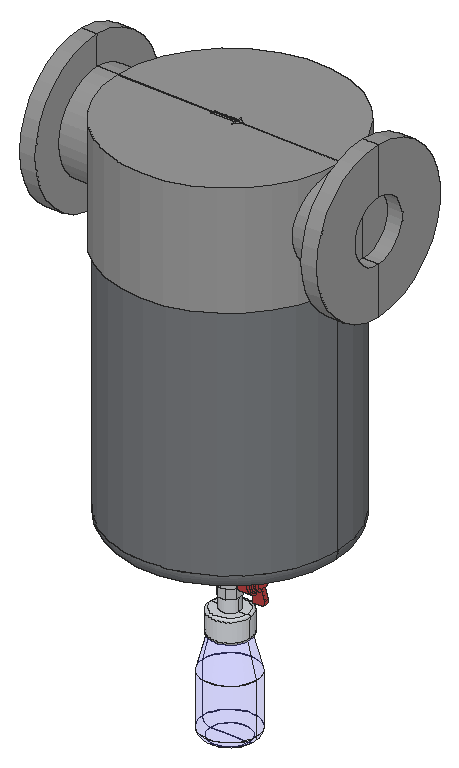
Revit family "FILTRATION ANTI-BACTERIENNE FD1000", category Equipement de génie climatique, Revit 2018
Family settings
  Cote de connecteur circulaire = Utiliser le diamètre
  Classification = Aucun
  Type d'élément = Normal
  Basée sur le plan de construction = Non
  Toujours verticalement = Oui
  Couper avec des vides une fois chargée = Non
  Partagée = Non
  Point de calcul de pièce = Non
Parameters (values of type "FD1000")
  RAY_ORIFICE = 39 mm
  ØBRIDE = 200 mm
  RAY_TETE = 145 mm
  RAY_POT = 140 mm
  RAY_BRIDE = ØBRIDE / 2  # 100 mm
  POIDS(Kg) = 0 mm
  OFFSET_PERC = 63 mm
  OFFSET_FLECHE = 50 mm
  Lien espace client = ""
  LONG_TETE = 385 mm
  LONGUEUR = 0 mm
  LARG_TETE = 63 mm
  LARGEUR = 0 mm
  HAUT_COUVERCLE = 48 mm
  HAUT_POT = 328 mm
  HAUT_TETE = 145 mm
  HAUT_BOSS = 26 mm
  HAUTEUR = 0 mm
  EP_BRIDE = 20 mm
  DIAM_BOSS = 126 mm
Reference planes
  plane 1 "Centre (avant/arrière)": y = 0
  plane 2: z = 0
  plane 3 "Centre (gauche/droite)": x = 0
  plane 4: x = -545
  plane 5: x = -545
  plane 6: x = -245
  plane 7: z = 328
  plane 8: z = 473
  plane 9: y = -31.5
  plane 10: y = 31.5
  plane 11: z = 410
  plane 12: x = -140
  plane 13: z = 470
  plane 14: x = -192.5
  plane 15: x = 192.5
  plane 16: x = -145
  plane 17: z = 347
  plane 18: x = -172.5
  plane 19: x = 172.5
  plane 20: z = 510
  plane 21: z = 510
  plane 22: z = 449
  plane 23: x = 140
  plane 24: z = -26
Forms (mm)
  Extrusion 1, solid, not visible
    sketch origin (-671.698, -1524, 268) x (-1, 0, 0) y (0, -1, 0)
      loop
        circle (-126.698, -1132) r 25
    from 0 to 17
  Extrusion 2, solid, not visible
    sketch origin (-671.698, -1524, 268) x (-1, 0, 0) y (0, -1, 0)
      loop
        circle (-126.698, -1132) r 25
    from 0 to 17
  Extrusion 3, solid, not visible
    sketch origin (-371.698, -1524, 268) x (-1, 0, 0) y (0, -1, 0)
      loop
        circle (-126.698, -1132) r 25
    from 0 to 17
  Revolve 4, solid, material "GRIS MILS"
    sketch origin (0, 0, 0) x (1, 0, 0) y (0, 0, 1)
      loop
        line (0, 0) -> (0, 328) -> (-140, 328) -> (-140, 20)
        arc (-140, 20) -> (-134.142, 5.858) -> (-120, 0) r 20
        line (-120, 0) -> (0, 0)
      axis (0, 328) -> (0, 0)
    angle from 0 to 360
  Revolve 5, solid, material "Aluminium"
    sketch origin (0, 0, 0) x (1, 0, 0) y (0, 0, 1)
      loop
        line (0, 328) -> (0, 473) -> (-145, 473) -> (-145, 328) -> (0, 328)
      axis (0, 473) -> (0, 328)
    angle from 0 to 360
  Extrusion 6, void
    sketch origin (-87.052, -1524, 473) x (0, -1, 0) y (-1, 0, 0)
      loop
        line (-1527.302, -65.08) -> (-1527.302, -95.705) -> (-1531.538, -95.705) -> (-1524, -105.116) -> (-1516.462, -95.705) -> (-1520.698, -95.705) -> (-1520.698, -65.08) -> (-1527.302, -65.08)
    from 0 to 3
  Revolve 7, solid, material "Aluminium"
    sketch origin (0, 0, 0) x (1, 0, 0) y (0, 0, 1)
      loop
        line (-192.5, 510) -> (-192.5, 449) -> (-172.5, 449) -> (-172.5, 410) -> (172.5, 410) -> (172.5, 449) -> (192.5, 449) -> (192.5, 510) -> (172.5, 510) -> (172.5, 473) -> (-172.5, 473) -> (-172.5, 510) -> (-192.5, 510)
      axis (-192.5, 410) -> (192.5, 410)
    angle from 0 to 360
  Extrusion 8, solid
    sketch origin (-74.267, -1524, -26) x (-1, 0, 0) y (0, -1, 0)
      loop
        circle (-74.267, -1524) r 15
    from 0 to 26
Cuts and joins
  Extrusion 6 cuts Revolve 5
  Extrusion 6 cuts Revolve 4
Dimensions and locks
  equal spacing: plane 9, plane 1 "Centre (avant/arrière)", plane 10
  "HAUT_POT": plane 7 to level
  "LARG_TETE": plane 9 to plane 10
  "RAY_POT": plane 3 "Centre (gauche/droite)" to plane 12
  plane 8 to plane 13 = 3 mm
  equal spacing: Extrusion 6 sketch curve, plane 1 "Centre (avant/arrière)", Extrusion 6 sketch curve  (x2)
  "RAY_TETE": plane 3 "Centre (gauche/droite)" to plane 16
  "HAUT_TETE": plane 8 to plane 7
  equal spacing: plane 15, plane 3 "Centre (gauche/droite)", plane 14
  "LONG_TETE": plane 15 to plane 14
  "DIAM_BOSS": plane 8 to plane 17
  "EP_BRIDE": plane 18 to plane 14
  "EP_BRIDE": plane 15 to plane 19
  "RAY_BRIDE": plane 20 to plane 11
  "OFFSET_PERC": plane 8 to plane 11
  "RAY_ORIFICE": plane 22 to plane 11
  Revolve 7 sketch curve to Revolve 7 sketch curve = 20 mm
  "RAY_POT": plane 23 to plane 3 "Centre (gauche/droite)"
  "HAUT_BOSS": level to plane 24
  radius of Extrusion 1 sketch curve = 25 mm
  radius of Extrusion 2 sketch curve = 25 mm
  radius of Extrusion 3 sketch curve = 25 mm
  radius of Revolve 4 sketch curve = 20 mm
  diameter of Extrusion 8 sketch curve = 30 mm
  aligned and locked: level to plane 2
  aligned and locked: Revolve 4 sketch curve to plane 3 "Centre (gauche/droite)"
  aligned and locked: Revolve 4 sketch curve to Revolve 4 sketch curve  (x2)
  aligned and locked: Revolve 4 sketch curve to plane 12
  aligned and locked: level to Revolve 4 sketch curve
  aligned and locked: Revolve 4 sketch curve to plane 7
  aligned and locked: Extrusion 6 to plane 13
  aligned and locked: plane 7 to Revolve 5 sketch curve
  aligned and locked: Revolve 5 sketch curve to plane 3 "Centre (gauche/droite)"
  aligned and locked: Revolve 5 sketch curve to plane 8
  aligned and locked: Revolve 5 sketch curve to plane 16
  aligned and locked: plane 21 to plane 20
  aligned and locked: Revolve 7 sketch curve to plane 20
  aligned and locked: plane 18 to Revolve 7 sketch curve  (x2)
  aligned and locked: Revolve 7 sketch curve to plane 8
  aligned and locked: Revolve 7 sketch curve to plane 19
  aligned and locked: Revolve 7 sketch curve to plane 21
  aligned and locked: Revolve 7 sketch curve to plane 11
  aligned and locked: Revolve 7 sketch curve to plane 22
  aligned and locked: plane 22 to Revolve 7 sketch curve
  aligned and locked: plane 3 "Centre (gauche/droite)" to Extrusion 8 sketch curve
  aligned and locked: plane 1 "Centre (avant/arrière)" to Extrusion 8 sketch curve
  aligned and locked: level to Extrusion 8
  aligned and locked: plane 19 to Revolve 7 sketch curve
  aligned and locked: plane 24 to nested 1
  aligned and locked: plane 3 "Centre (gauche/droite)" to nested 1
  aligned and locked: plane 3 "Centre (gauche/droite)" to nested 2
  aligned and locked: nested 1 to nested 2
  aligned and locked: plane 1 "Centre (avant/arrière)" to nested 2
Automatic sketch dimensions
  Revolve 4 sketch curve to level = 124.79 mm
  plane 8 to Revolve 4 sketch curve = 80.874 mm
  Revolve 5 sketch curve to plane 3 "Centre (gauche/droite)" = 0 mm
  Revolve 5 sketch curve to level = 366.045 mm
  plane 8 to Revolve 5 sketch curve = 1572.315 mm
  plane 14 to Revolve 7 sketch curve = 0 mm
  Revolve 7 sketch curve to plane 11 = 0 mm
  Revolve 7 sketch curve to plane 14 = 1255.282 mm
  plane 15 to Revolve 7 sketch curve = 1706.483 mm
  plane 1 "Centre (avant/arrière)" to Extrusion 6 sketch curve = 0 mm
  Extrusion 6 sketch curve to plane 1 "Centre (avant/arrière)" = 3.302 mm
  Extrusion 6 sketch curve to Extrusion 6 sketch curve = 4.236 mm
  Extrusion 6 sketch curve to plane 3 "Centre (gauche/droite)" = 21.972 mm
  plane 3 "Centre (gauche/droite)" to Extrusion 6 sketch curve = 8.653 mm
  Extrusion 6 sketch curve to Extrusion 6 sketch curve = 0 mm
  Extrusion 6 sketch curve to Extrusion 6 sketch curve = 9.411 mm
Nested families
  nested 1: "Vanne papillon BS FF" at (0, 0, -52.5) x (0, 0, 1) z (1, 0, 0), type "DN15 - G1/2" - FF (231 0002)"
    with built-in parameter 1114242 (empty or 0)
  nested 2: "BOCAL" at (0, 0, -243.5), type "BOCAL 250cc"
Definition of nested family "Vanne papillon BS FF"
  Parameters (values of type "DN8 - G1/4" - FF (231 0045)")
    built-in parameter 1114242 [instance] = (empty or 0)
    URL = ""
    Thread = 13.2 mm
    Size Female Connector 1 = 8.00 mm
    Reduction Body Size = 19 mm
    P = 4.5 mm
    Overall Width = Main Body Size  # 23 mm
    Overall Length = Length  # 42 mm
    Overall Height = 46 mm
    Model = ""
    Manufacturer = ""
    Main Body Size = 23 mm
    Loss Method = 2
    Length = 42 mm
    L Reduction = 3 mm
    L Main Body = 16.6 mm
    L Secondary Body Size = 19.3 mm
    L Connection Female = 10 mm
    Secondary Body Size = 15 mm
    K Coefficient = 0.1
    Description = ""
    CH Octa = 18 mm
  Types (9, lengths in mm): name | Thread | Size Female Connector 1 | Reduction Body Size | P | Overall Width | Overall Length | Overall Height | Main Body Size | Length | L Reduction | L Main Body | L Secondary Body Size | L Connection Female | Secondary Body Size | K Coefficient | CH Octa
    DN32 - G1"1/4 - FF (231 0005) | 41.9 | 32.00 mm | 45 | 6.5 | 55 | 77.6 | 73 | 55 | 77.6 | 4.5 | 34.5 | 39.6 | 16 | 22 | 0.11 | 47
    DN25 - G1" - FF (231 0001) | 33.2 | 25.00 mm | 35 | 5.5 | 45 | 65 | 61.5 | 45 | 65 | 3 | 24.4 | 31.6 | 17 | 17 | 0.14 | 38
    DN20 - G3/4" - FF (231 0008) | 26.5 | 20.00 mm | 27 | 4.5 | 37 | 60.5 | 54.5 | 37 | 60.5 | 3 | 25 | 27.5 | 14.5 | 15 | 0.15 | 30.5
    DN15 - G1/2" - FF (231 0002) | 21 | 15.00 mm | 24 | 4.5 | 30 | 53 | 51.5 | 30 | 53 | 3 | 20 | 24.5 | 13.5 | 15 | 0.28 | 25
    DN10 - G3/8" - FF (231 0034) | 16.7 | 10.00 mm | 19 | 4.5 | 23 | 47 | 46 | 23 | 47 | 4 | 16.6 | 19.3 | 11.5 | 15 | 0.16 | 21
    DN8 - G1/4" - FF (231 0045) | 13.2 | 8.00 mm | 19 | 4.5 | 23 | 42 | 46 | 23 | 42 | 3 | 16.6 | 19.3 | 10 | 15 | 0.1 | 18
    DN40 - G1"1/2 - FF (231 0009) | 47.8 | 40.00 mm | 54 | 6.5 | 68 | 89 | 79 | 68 | 89 | 4.5 | 38.8 | 45.6 | 20.5 | 23 | 0.1 | 54
    DN50 - G2" - FF (231 0004) | 59.6 | 50.00 mm | 67 | 6.5 | 84 | 103 | 91.5 | 84 | 103 | 5 | 46.8 | 63.5 | 22.5 | 25.5 | 0.12 | 67
    DN60 - G2"1/2 - FF (231 0037) | 75.2 | 60.00 mm | 81.5 | 9.5 | 103 | 130 | 118 | 103 | 130 | 5 | 49.8 | 73 | 29 | 38 | 0.08 | 82
  Reference planes
    plane 1 "Center (Front/Back) Tiemme": y = 0
    plane 2 "Tiemme": z = 0
    plane 3 "Center (Left/Right) Tiemme": x = 0
    plane 4: x = -21
    plane 5: x = 21
    plane 6: x = -11
    plane 7: x = 5.6
    plane 8: x = 11
    plane 9: x = 8
    plane 10: z = 19.3
    plane 11: z = 14.8
  Forms (mm)
    Sweep 1, solid
      path origin (0, 0, 0) x (1, 0, 0) y (0, 1, 0)
        loop
          line (-21, 0) -> (-11, 0)
      profile "Profile : Profile vanne" origin (-16, 0, 0) x (0, 1, 0) y (0, 0, 1)
        loop
          line (-9, 3.728) -> (-9, -3.728) -> (-3.728, -9) -> (3.728, -9) -> (9, -3.728) -> (9, 3.728) -> (3.728, 9) -> (-3.728, 9) -> (-9, 3.728)
    Extrusion 2, solid
      sketch origin (0, 0, 0) x (0, 1, 0) y (0, 0, 1)
        loop
          circle (0, 0) r 11.5
      from -11 to 5.6
    Sweep 3, solid
      path origin (0, 0, 0) x (1, 0, 0) y (0, 1, 0)
        loop
          line (21, 0) -> (11, 0)
      profile "Profile : Profile vanne" origin (16, 0, 0) x (0, -1, 0) y (0, 0, 1)
        loop
          line (-9, 3.728) -> (-9, -3.728) -> (-3.728, -9) -> (3.728, -9) -> (9, -3.728) -> (9, 3.728) -> (3.728, 9) -> (-3.728, 9) -> (-9, 3.728)
    Extrusion 4, solid
      sketch origin (0, 0, 0) x (0, 1, 0) y (0, 0, 1)
        loop
          circle (0, 0) r 9.5
      from 8 to 11
    Blend 5, solid, detail levels coarse+fine
      base sketch origin (0, 0, 0) x (0, 1, 0) y (0, 0, 1)
        loop
          circle (0, 0) r 11.5
      top sketch origin (0, 0, 0) x (0, 1, 0) y (0, 0, 1)
        loop
          circle (0, 0) r 9.5
      from 5.6 to 8
    Extrusion 6, solid, detail levels fine
      sketch origin (0, 0, 0) x (1, 0, 0) y (0, 1, 0)
        loop
          circle (0, 0) r 7.5
      from 0 to 19.3
    Extrusion 7, void
      sketch origin (0, 0, 0) x (0, 1, 0) y (0, 0, 1)
        loop
          circle (0, 0) r 6.6
      from -21 to -11
    Extrusion 8, void
      sketch origin (0, 0, 0) x (0, 1, 0) y (0, 0, -1)
        loop
          circle (0, 0) r 6.6
      from -21 to -11
  Cuts and joins
    Extrusion 8 cuts Sweep 3
    Extrusion 7 cuts Sweep 1
  Dimensions and locks
    "Length": plane 5 to plane 4
    equal spacing: plane 5, plane 3 "Center (Left/Right) Tiemme", plane 4
    "L Connection Female": plane 6 to plane 4
    "L Main Body": plane 7 to plane 6
    "L Connection Female": plane 5 to plane 8
    "L Reduction": plane 8 to plane 9
    "L Secondary Body Size": plane 10 to plane 2 "Tiemme"
    "P": plane 10 to plane 11
    "Main Body Size": diameter of Extrusion 2 sketch curve
    "Reduction Body Size": diameter of Extrusion 4 sketch curve
    "Main Body Size": diameter of Blend 5 sketch curve
    "Reduction Body Size": diameter of Blend 5 sketch curve
    "Secondary Body Size": diameter of Extrusion 6 sketch curve
    "Thread": diameter of Extrusion 7 sketch curve
    "Thread": diameter of Extrusion 8 sketch curve
    aligned and locked: level to plane 2 "Tiemme"
    aligned and locked: plane 1 "Center (Front/Back) Tiemme" to Sweep 1 sketch curve
    aligned and locked: plane 6 to Sweep 1 sketch curve
    aligned and locked: plane 4 to Sweep 1 sketch curve
    aligned and locked: plane 1 "Center (Front/Back) Tiemme" to Extrusion 2 sketch curve
    aligned and locked: plane 2 "Tiemme" to Extrusion 2 sketch curve
    aligned and locked: Extrusion 2 to plane 6
    aligned and locked: plane 7 to Extrusion 2
    aligned and locked: Sweep 3 sketch curve to plane 1 "Center (Front/Back) Tiemme"
    aligned and locked: plane 5 to Sweep 3 sketch curve
    aligned and locked: plane 8 to Sweep 3 sketch curve
    aligned and locked: plane 1 "Center (Front/Back) Tiemme" to Extrusion 4 sketch curve
    aligned and locked: plane 2 "Tiemme" to Extrusion 4 sketch curve
    aligned and locked: Extrusion 4 to plane 9
    aligned and locked: plane 8 to Extrusion 4
    aligned and locked: plane 1 "Center (Front/Back) Tiemme" to Blend 5 sketch curve  (x2)
    aligned and locked: plane 2 "Tiemme" to Blend 5 sketch curve  (x2)
    aligned and locked: Blend 5 to plane 7
    aligned and locked: plane 9 to Blend 5
    aligned and locked: plane 3 "Center (Left/Right) Tiemme" to Extrusion 6 sketch curve
    aligned and locked: plane 1 "Center (Front/Back) Tiemme" to Extrusion 6 sketch curve
    aligned and locked: Extrusion 6 to plane 2 "Tiemme"
    aligned and locked: plane 10 to Extrusion 6
    aligned and locked: plane 1 "Center (Front/Back) Tiemme" to Extrusion 7 sketch curve
    aligned and locked: plane 2 "Tiemme" to Extrusion 7 sketch curve
    aligned and locked: Extrusion 7 to plane 4
    aligned and locked: plane 6 to Extrusion 7
    aligned and locked: Extrusion 8 to plane 8
    aligned and locked: plane 5 to Extrusion 8
    aligned and locked: plane 3 "Center (Left/Right) Tiemme" to nested 1
    aligned and locked: plane 1 "Center (Front/Back) Tiemme" to nested 1
    aligned and locked: plane 11 to nested 1
  Automatic sketch dimensions
    Extrusion 8 sketch curve to level = 0 mm
    Extrusion 8 sketch curve to plane 1 "Center (Front/Back) Tiemme" = 0 mm
  Nested families
    nested 1: "Poignée papillon" at (0, 0, 14.8), type "Poignée papillon"
  Connectors
    piping at (-11, 0, 0), diameter 8, driven by "Size Female Connector 1"
      settings: on cut or joined group of Sweep 1, Extrusion 7, index 1, connector inside diameter 609.6 mm, connector length 0 mm, flow factor 0, pipe flow 0.0 m³/h, pressure drop 0.0 Pa, fitting loss kfactor 0, connector angle 0.00°, fixture units 0, engagement length 0 mm, angle of deflection 0.00°, flow configuration 0, flow direction 0, fitting loss method 0, system type 29, joint type 0, gender type 0, connector reference index 2, connector utility 0, adjustable connector no, is connector primary yes, connector description ""
    piping at (11, 0, 0), diameter 8, driven by "Size Female Connector 1"
      settings: on cut or joined group of Sweep 3, Extrusion 8, index 2, connector inside diameter 609.6 mm, connector length 0 mm, flow factor 0, pipe flow 0.0 m³/h, pressure drop 0.0 Pa, fitting loss kfactor 0, connector angle 0.00°, fixture units 0, engagement length 0 mm, angle of deflection 0.00°, flow configuration 0, flow direction 0, fitting loss method 0, system type 29, joint type 0, gender type 0, connector reference index 1, connector utility 0, adjustable connector no, is connector primary no, connector description ""
  Definition of nested family "Poignée papillon"
    Parameters (values of type "Poignée papillon")
      RAY_EPAULEMENT = 9 mm
      RAY_CORPS = 15 mm
      LONG_BASE_VANNE = 10 mm
      HAUT_EPAULEMENT = 16 mm
      HAUT_CORPS = 23 mm
    Reference planes
      plane 1 "Centre (avant/arrière)": y = 0
      plane 2: z = 0
      plane 3 "Centre (gauche/droite)": x = 0
      plane 4: z = 23
      plane 5: x = 15
      plane 6: x = 9
      plane 7: z = 16
      plane 8: x = 25
      plane 9: x = -25
      plane 10: z = 12.258
      plane 11: z = 27.258
    Forms (mm)
      Revolve 1, solid
        sketch origin (0, 0, 0) x (1, 0, 0) y (0, 0, 1)
          loop
            line (0, 23) -> (0, 0) -> (15, 0) -> (15, 14)
            arc (15, 14) -> (14.414, 15.414) -> (13, 16) r 2
            line (13, 16) -> (11, 16)
            arc (11, 16) -> (9.586, 16.586) -> (9, 18) r 2
            line (9, 18) -> (9, 21)
            arc (9, 21) -> (8.414, 22.414) -> (7, 23) r 2
            line (7, 23) -> (0, 23)
          axis (0, 0) -> (0, 23)
        angle from 0 to 360
      Extrusion 2, solid
        sketch origin (0, 0, 0) x (1, 0, 0) y (0, 0, 1)
          loop
            line (-25, 12.258) -> (25, 12.258) -> (25, 22.489)
            arc (25, 22.489) -> (22.956, 26.522) -> (18.496, 27.258) r 5
            line (18.496, 27.258) -> (5, 23) -> (-5, 23) -> (-18.822, 27.258)
            arc (-18.822, 27.258) -> (-23.062, 26.536) -> (-25, 22.696) r 4.773
            line (-25, 22.696) -> (-25, 12.258)
        from -2.5 to 2.5
    Cuts and joins
      joined: Revolve 1, Extrusion 2
    Dimensions and locks
      "HAUT_CORPS": plane 4 to level
      "HAUT_EPAULEMENT": plane 7 to level
      "RAY_EPAULEMENT": plane 6 to plane 3 "Centre (gauche/droite)"
      "RAY_CORPS": plane 5 to plane 3 "Centre (gauche/droite)"
      equal spacing: plane 8, plane 3 "Centre (gauche/droite)", plane 9
      locked: plane 8 to plane 9 at 50
      locked: plane 10 to level at 12.258
      locked: plane 11 to plane 10 at 15
      equal spacing: Extrusion 2 sketch curve, plane 3 "Centre (gauche/droite)", Extrusion 2 sketch curve
      "LONG_BASE_VANNE": Extrusion 2 sketch curve to Extrusion 2 sketch curve
      radius of Revolve 1 sketch curve = 2 mm  (x3)
      radius of Extrusion 2 sketch curve = 4.773 mm
      radius of Extrusion 2 sketch curve = 5 mm
      aligned and locked: level to plane 2
      aligned and locked: Revolve 1 sketch curve to plane 3 "Centre (gauche/droite)"
      aligned and locked: Revolve 1 sketch curve to level
      aligned and locked: plane 4 to Revolve 1 sketch curve
      aligned and locked: plane 6 to Revolve 1 sketch curve
      aligned and locked: plane 7 to Revolve 1 sketch curve
      aligned and locked: plane 5 to Revolve 1 sketch curve
      aligned and locked: plane 9 to Extrusion 2 sketch curve
      aligned and locked: Extrusion 2 sketch curve to plane 10
      aligned and locked: Extrusion 2 sketch curve to plane 8
      aligned and locked: plane 11 to Extrusion 2 sketch curve  (x2)
    Automatic sketch dimensions
      Revolve 1 sketch curve to plane 3 "Centre (gauche/droite)" = 0 mm
      Revolve 1 sketch curve to plane 7 = 37.779 mm
      Revolve 1 sketch curve to Revolve 1 sketch curve = 395.526 mm
      Extrusion 2 sketch curve to plane 4 = 0 mm
Definition of nested family "BOCAL"
  Parameters (values of type "BOCAL 250cc")
    RAY_RACCORD = 12 mm
    RAY_CULOT = 35 mm
    RAY_CONE = 23 mm
    RAY_BOUCHON = 26 mm
    HAUT_RACCORD = 16.281 mm
    HAUT_CULOT_FLACON = 75.5 mm
    HAUT_BOCAL = 164.5 mm
    HAUT_BOUCHON = 30 mm
    CONGE_CULOT = 10 mm
  Types (5, lengths in mm): name | RAY_CULOT | HAUT_CULOT_FLACON | HAUT_BOCAL | CONGE_CULOT
    (no name) | 35 | 75.5 | 164.5 | 10
    BOCAL 5000cc | 93 | 255 | 363 | 35
    BOCAL 250cc | 35 | 75.5 | 164.5 | 10
    BOCAL 500cc | 43 | 110 | 199 | 10
    BOCAL 1000cc | 50 | 155 | 249 | 10
  Reference planes
    plane 1 "Centre (avant/arrière)": y = 0
    plane 2: z = 0
    plane 3 "Centre (gauche/droite)": x = 0
    plane 4: z = 164.5
    plane 5: z = 148.219
    plane 6: z = 118.219
    plane 7: z = 75.5
    plane 8: x = -35
    plane 9: x = -23
    plane 10: x = -26
    plane 11: x = -12
  Forms (mm)
    Revolve 1, solid
      sketch origin (0, 0, 0) x (1, 0, 0) y (0, 0, 1)
        loop
          line (0, 118.219) -> (-23, 118.219) -> (-35, 75.5) -> (-35, 10)
          arc (-35, 10) -> (-32.071, 2.929) -> (-25, 0) r 10
          line (-25, 0) -> (0, 0) -> (0, 118.219)
        axis (0, 118.219) -> (0, 0)
      angle from 0 to 360
    Revolve 2, solid
      sketch origin (0, 0, 0) x (1, 0, 0) y (0, 0, 1)
        loop
          arc (-23, 148.219) -> (-25.121, 147.34) -> (-26, 145.219) r 3
          line (-26, 145.219) -> (-26, 121.219)
          arc (-26, 121.219) -> (-25.121, 119.098) -> (-23, 118.219) r 3
          line (-23, 118.219) -> (0, 118.219) -> (0, 148.219) -> (-23, 148.219)
        axis (0, 148.219) -> (0, 118.219)
      angle from 0 to 360
    Revolve 3, solid
      sketch origin (0, 0, 0) x (1, 0, 0) y (0, 0, 1)
        loop
          line (-12, 164.5) -> (-12, 148.219) -> (0, 148.219) -> (0, 164.5) -> (-12, 164.5)
        axis (0, 164.5) -> (0, 148.219)
      angle from 0 to 360
  Dimensions and locks
    "HAUT_CULOT_FLACON": plane 7 to level
    "HAUT_BOUCHON": plane 5 to plane 6
    "HAUT_RACCORD": plane 4 to plane 5
    "RAY_RACCORD": plane 3 "Centre (gauche/droite)" to plane 11
    "RAY_BOUCHON": plane 3 "Centre (gauche/droite)" to plane 10
    "RAY_CONE": plane 3 "Centre (gauche/droite)" to plane 9
    "RAY_CULOT": plane 3 "Centre (gauche/droite)" to plane 8
    "HAUT_BOCAL": plane 4 to level
    "CONGE_CULOT": radius of Revolve 1 sketch curve
    radius of Revolve 2 sketch curve = 3 mm  (x2)
    aligned and locked: level to plane 2
    aligned and locked: Revolve 1 sketch curve to plane 3 "Centre (gauche/droite)"  (x2)
    aligned and locked: level to Revolve 1 sketch curve
    aligned and locked: Revolve 1 sketch curve to plane 8
    aligned and locked: plane 7 to Revolve 1 sketch curve
    aligned and locked: plane 6 to Revolve 1 sketch curve
    aligned and locked: Revolve 2 sketch curve to plane 3 "Centre (gauche/droite)"  (x2)
    aligned and locked: Revolve 2 sketch curve to plane 5
    aligned and locked: plane 10 to Revolve 2 sketch curve
    aligned and locked: plane 6 to Revolve 2 sketch curve
    aligned and locked: Revolve 3 sketch curve to plane 3 "Centre (gauche/droite)"  (x2)
    aligned and locked: Revolve 3 sketch curve to plane 4
    aligned and locked: plane 5 to Revolve 3 sketch curve
    aligned and locked: Revolve 3 sketch curve to plane 11
  Automatic sketch dimensions
    Revolve 2 sketch curve to level = 366.045 mm
    plane 4 to Revolve 2 sketch curve = 2014.315 mm
    Revolve 3 sketch curve to level = 366.045 mm
    Revolve 3 sketch curve to Revolve 3 sketch curve = 2014.315 mm
    Revolve 1 sketch curve to plane 9 = 0 mm
    level to Revolve 1 sketch curve = 23.548 mm
    Revolve 1 sketch curve to Revolve 1 sketch curve = 11.829 mm
